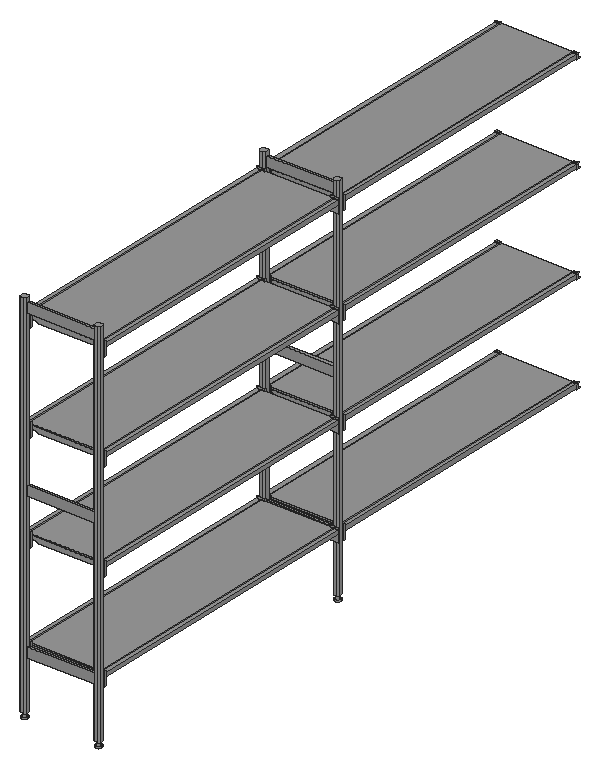
Revit family "QF_ZANUSSI_137068_ACS2728", category Attrezzature speciali, Revit 2020 (continued)
Definition of nested family "WT_Aggancio373"
  Lines and regions (mm)
    symbolic lines
      curve 6: line (-412, 23, 0) -> (-412, 3.978, 0)
      curve 7: line (-408, 23, 0) -> (-412, 23, 0)
      curve 8: line (-408, 3.978, 0) -> (-408, 23, 0)
  Dimensions and locks
    "Height": plane 5 "TOP" to level
    "Depth": plane 3 "BACK" to plane 4 "FRONT"
    "Dint": plane 7 to plane 8
    equal spacing: plane 7, plane 6 "Center (Front/Back)", plane 8
    equal spacing: plane 3 "BACK", plane 6 "Center (Front/Back)", plane 4 "FRONT"
    plane 9 "FEET" to level = 25.0 mm
    plane 5 "TOP" to plane 9 "FEET" = 1700.0 mm
    plane 10 to plane 9 "FEET" = 250.0 mm
    plane 11 to plane 10 = 450.0 mm
    plane 12 to plane 11 = 450.0 mm
    plane 13 to plane 12 = 450.0 mm
    locked: plane 3 "BACK" to plane 15 "CYBack" at 17.5
    locked: plane 16 "CYFront" to plane 4 "FRONT" at 17.5
    aligned and locked: level to plane 1
    aligned and locked: Extrusion 1 sketch curve to Extrusion 1 sketch curve  (x3)
  Automatic sketch dimensions
    plane 16 "CYFront" to Extrusion 1 sketch curve = 1.478 mm  (x4)
    Extrusion 1 sketch curve to Extrusion 1 sketch curve = 2.0 mm
    plane 8 to Extrusion 1 sketch curve = 3.478 mm  (x4)
    Extrusion 1 sketch curve to plane 10 = 4.006 mm
    Extrusion 1 sketch curve to Extrusion 1 sketch curve = 34.0 mm  (x4)
    Extrusion 1 sketch curve to plane 11 = 4.006 mm
    Extrusion 1 sketch curve to plane 12 = 4.006 mm
    Extrusion 1 sketch curve to plane 13 = 4.006 mm
    Extrusion 1 sketch curve to plane 7 = 37.522 mm  (x4)
    Extrusion 1 sketch curve to plane 7 = 3.522 mm  (x4)
    plane 14 to Extrusion 1 sketch curve = 3.516 mm  (x4)
    plane 14 to Extrusion 1 sketch curve = 1.522 mm  (x4)
    plane 10 to Extrusion 1 sketch curve = 7.998 mm  (x2)
    Extrusion 1 sketch curve to Extrusion 1 sketch curve = 11.498 mm  (x4)
    Extrusion 1 sketch curve to Extrusion 1 sketch curve = 6.499 mm  (x8)
    plane 11 to Extrusion 1 sketch curve = 7.998 mm  (x2)
    plane 12 to Extrusion 1 sketch curve = 7.998 mm  (x2)
    plane 13 to Extrusion 1 sketch curve = 7.998 mm  (x2)
    plane 2 "LEFT" to Extrusion 2 sketch curve = 0.0 mm  (x4)
    plane 13 to Extrusion 2 sketch curve = 7.996 mm
    plane 11 to Extrusion 2 sketch curve = 7.996 mm
    Extrusion 2 sketch curve to Extrusion 2 sketch curve = 5.0 mm  (x4)
    plane 11 to Extrusion 2 sketch curve = 2.494 mm
    plane 10 to Extrusion 2 sketch curve = 28.996 mm
    Extrusion 2 sketch curve to Extrusion 2 sketch curve = 3.0 mm  (x4)
    plane 10 to Extrusion 2 sketch curve = 7.996 mm
    plane 10 to Extrusion 2 sketch curve = 2.494 mm
    Extrusion 2 sketch curve to Extrusion 2 sketch curve = 18.0 mm  (x3)
    plane 12 to Extrusion 2 sketch curve = 2.494 mm
    plane 12 to Extrusion 2 sketch curve = 7.996 mm
    plane 13 to Extrusion 2 sketch curve = 2.494 mm
    plane 2 "LEFT" to Extrusion 3 sketch curve = 0.0 mm  (x4)
    plane 13 to Extrusion 3 sketch curve = 7.996 mm
    plane 11 to Extrusion 3 sketch curve = 7.996 mm
    Extrusion 3 sketch curve to Extrusion 3 sketch curve = 5.0 mm  (x4)
    plane 11 to Extrusion 3 sketch curve = 2.494 mm
    plane 10 to Extrusion 3 sketch curve = 28.996 mm
    Extrusion 3 sketch curve to Extrusion 3 sketch curve = 3.0 mm  (x4)
    plane 10 to Extrusion 3 sketch curve = 7.996 mm
    plane 10 to Extrusion 3 sketch curve = 2.494 mm
    Extrusion 3 sketch curve to Extrusion 3 sketch curve = 18.0 mm  (x3)
    plane 12 to Extrusion 3 sketch curve = 2.494 mm
    plane 12 to Extrusion 3 sketch curve = 7.996 mm
    plane 13 to Extrusion 3 sketch curve = 2.494 mm
    plane 2 "LEFT" to curve 1 = 5.0 mm
    plane 2 "LEFT" to curve 7 = 5.0 mm
    curve 1 to plane 16 "CYFront" = 17.5 mm
    curve 3 to plane 8 = 12.522 mm
    plane 7 to curve 5 = 12.478 mm
    curve 7 to plane 14 = 17.5 mm
    curve 5 to curve 5 = 4.0 mm
    curve 1 to curve 4 = 4.0 mm
    Extrusion 2 sketch curve to Extrusion 2 sketch curve = 4.0 mm  (x4)
    Extrusion 2 sketch curve to Extrusion 2 sketch curve = 8.969 mm  (x4)
    Extrusion 3 sketch curve to Extrusion 3 sketch curve = 4.0 mm  (x4)
    Extrusion 3 sketch curve to Extrusion 3 sketch curve = 8.969 mm  (x4)
